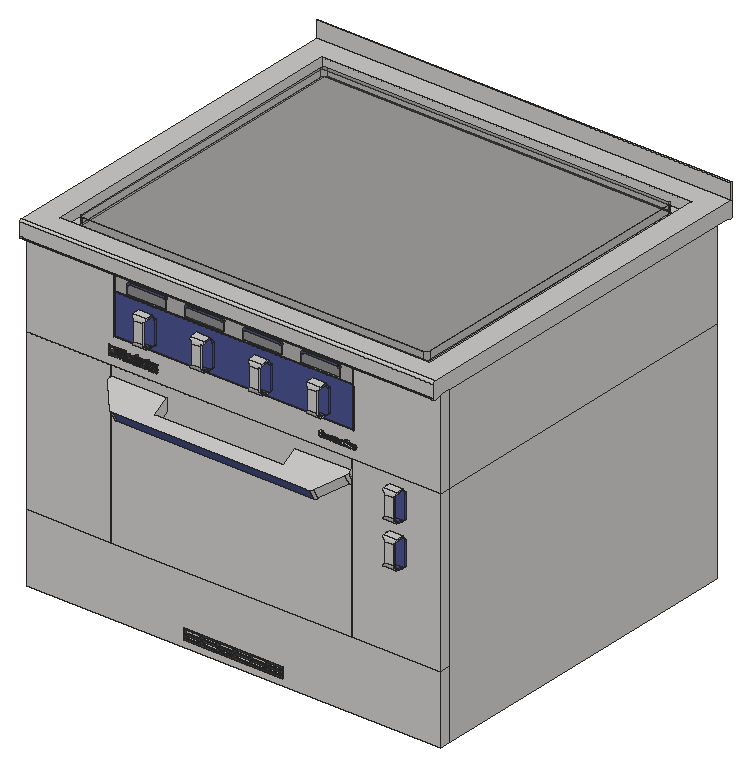
Revit family "QF_ELECTROLUXPROFESSIONAL_589669_MCIMFBJ8AO", category Attrezzature speciali, Revit 2020
Family settings
  Quota connettore circolare = Usa diametro
  Tipo di parte = Normale
  Basato su piano di lavoro = No
  Sempre verticale = Sì
  Taglio con vuoti quando caricato = No
  Condiviso = No
  Punto di calcolo locali = No
Parameters (values of type "Standard")
  Weight = 197.00 kg
  Watts = 25000 W
  Volts = 400 V
  URL Manufacturer = "https://www.electroluxprofessional.com/"
  URL = "https://www.electroluxprofessional.com/"
  Steam Supply Size = 0"
  Steam Supply Minimum Pressure = 0.00 psi
  Steam Supply Maximum Pressure = 0.00 psi
  Steam Consumption per Hour = 0
  Refrigeration Suction Line Size = 0 mm
  Refrigeration Liquid Line Size = 0 mm
  Refrigerant Compressor Remote = yes
  Prospetto di default = 0 mm
  Phase = 3
  Modello = "MCIMFBJ8AO"
  Produttore = "Electrolux Professional"
  Length Actual = 1000 mm  # constant formula
  Item Number = "589669"
  Hot Water Size = 0"
  Height Actual = 800 mm  # constant formula
  HP = "33.5 HP"
  Gas Size = 0"
  Gas KW = 0
  Gas Input Pressure = 0.0 Btu/h
  Direct Waste Size = 0"
  Descrizione = "INDUCTION,4Z,ST.OVEN,1S,BS,1000X900X800H"
  Depth Actual = 900 mm  # constant formula
  Cycle = 50 Hz
  Condensate Return Size = 0"
  Compressed Air Volume = 0 GPM
  Compressed Air Size = 0"
  Compressed Air Pressure = 0.00 psi
  Cold Water Size = 0"
  Accessory = yes
Reference planes
  plane 1 "BACK": y = 0
  plane 2: z = 0
  plane 3 "LEFT": x = -100
  plane 4 "RIGHT": x = 900
  plane 5 "FRONT": y = -900
  plane 6 "TOP": z = 900
  plane 7 "Center (Left/Right)": x = 400
  plane 8: y = -450
  plane 9: z = 100
  plane 10: y = -150
  plane 11 "Panel": y = -855
  plane 12: z = 798
  plane 13: z = 1327
  plane 14: x = -22
  plane 15: x = 822
  plane 16: y = -150
  plane 17: y = -650
  plane 18 "EIx": x = 855
  plane 19 "EIy": y = -685
  plane 20: y = -880
  plane 21: z = 938
Forms (mm)
  Extrusion 1, solid, material "QF_Finishes_Stainless Steel"
    sketch origin (-178.969, -4572, 100) x (-1, 0, 0) y (0, -1, 0)
      loop
        line (-78.969, -4527) -> (-78.969, -3717) -> (-1078.969, -3717) -> (-1078.969, -4527) -> (-78.969, -4527)
    from 550 to 763
  Extrusion 2, solid, material "QF_Finishes_Stainless Steel"
    sketch origin (-100, 0, 0) x (0, 1, 0) y (0, 0, 1)
      loop
        line (-855, 100) -> (-855, 265) -> (-880, 265) -> (-880, 100) -> (-855, 100)
    from 0 to 1000
  Extrusion 3, solid, material "QF_Finishes_Stainless Steel"
    sketch origin (-488.969, -4662, 100) x (-1, 0, 0) y (0, -1, 0)
      loop
        circle (-1343.969, -3977) r 6.35
    from 0 to -11.851
  Extrusion 4, solid, material "QF_Finishes_Stainless Steel"
    sketch origin (400, 296.4, 1219.2) x (0, 1, 0) y (0, 0, 1)
      loop
        line (-296.4, -319.2) -> (-1191.4, -319.2)
        arc (-1191.4, -319.2) -> (-1194.935, -320.664) -> (-1196.4, -324.2) r 5
        line (-1196.4, -324.2) -> (-1196.4, -355.2)
        arc (-1196.4, -355.2) -> (-1194.971, -358.264) -> (-1191.705, -359.139) r 4
        line (-1191.705, -359.139) -> (-1176.4, -356.231) -> (-316.4, -356.231) -> (-301.094, -359.139)
        arc (-301.094, -359.139) -> (-297.829, -358.264) -> (-296.4, -355.2) r 4
        line (-296.4, -355.2) -> (-296.4, -319.2)
    from -500 to 500
  Extrusion 5, solid, material "QF_Finishes_Electrolux_Black Smoke Iluminated"
    sketch origin (0, 0, 900) x (-1, 0, 0) y (0, -1, 0)
      loop
        arc (12, 79) -> (19.071, 81.929) -> (22, 89) r 10
        line (22, 89) -> (22, 810)
        arc (22, 810) -> (19.071, 817.071) -> (12, 820) r 10
        line (12, 820) -> (-812, 820)
        arc (-812, 820) -> (-819.071, 817.071) -> (-822, 810) r 10
        line (-822, 810) -> (-822, 89)
        arc (-822, 89) -> (-819.071, 81.929) -> (-812, 79) r 10
        line (-812, 79) -> (12, 79)
    from 0 to -20
  Extrusion 6, solid, material "QF_Finishes_Stainless Steel"
    sketch origin (-178.969, -4572, 100) x (-1, 0, 0) y (0, -1, 0)
      loop
        line (-78.969, -4527) -> (-78.969, -3717) -> (-1078.969, -3717) -> (-1078.969, -4527) -> (-78.969, -4527)
    from 550 to 0
  Extrusion 7, void
    sketch origin (0, -855, 0) x (-1, 0, 0) y (0, 0, 1)
      loop
        line (-520, 116.594) -> (-280, 116.594) -> (-280, 141.594) -> (-520, 141.594) -> (-520, 116.594)
    from 0 to -25
  Extrusion 8, solid, material "QF_Finishes_Black"
    sketch origin (0, -855, 0) x (-1, 0, 0) y (0, 0, 1)
      loop
        line (-280, 141.594) -> (-520, 141.594) -> (-520, 116.594) -> (-280, 116.594) -> (-280, 141.594)
      loop
        line (-282, 139.594) -> (-319.131, 139.594) -> (-319.131, 130.094) -> (-282, 130.094) -> (-282, 139.594)
      loop
        line (-282, 118.594) -> (-282, 128.094) -> (-319.131, 128.094) -> (-319.131, 118.594) -> (-282, 118.594)
      loop
        line (-321.131, 139.594) -> (-359.066, 139.594) -> (-359.066, 130.094) -> (-321.131, 130.094) -> (-321.131, 139.594)
      loop
        line (-399, 139.594) -> (-399, 130.094) -> (-361.066, 130.094) -> (-361.066, 139.594) -> (-399, 139.594)
      loop
        line (-401, 139.594) -> (-438.934, 139.594) -> (-438.934, 130.094) -> (-401, 130.094) -> (-401, 139.594)
      loop
        line (-359.066, 118.594) -> (-321.131, 118.594) -> (-321.131, 128.094) -> (-359.066, 128.094) -> (-359.066, 118.594)
      loop
        line (-361.066, 118.594) -> (-361.066, 128.094) -> (-399, 128.094) -> (-399, 118.594) -> (-361.066, 118.594)
      loop
        line (-401, 128.094) -> (-438.934, 128.094) -> (-438.934, 118.594) -> (-401, 118.594) -> (-401, 128.094)
      loop
        line (-518, 139.594) -> (-518, 130.094) -> (-480.869, 130.094) -> (-480.869, 139.594) -> (-518, 139.594)
      loop
        line (-518, 118.594) -> (-480.869, 118.594) -> (-480.869, 128.094) -> (-518, 128.094) -> (-518, 118.594)
      loop
        line (-478.869, 139.594) -> (-478.869, 130.094) -> (-440.934, 130.094) -> (-440.934, 139.594) -> (-478.869, 139.594)
      loop
        line (-440.934, 118.594) -> (-440.934, 128.094) -> (-478.869, 128.094) -> (-478.869, 118.594) -> (-440.934, 118.594)
    from -25.03 to -20
  Extrusion 9, void
    sketch origin (0, 0, 900) x (-1, 0, 0) y (0, -1, 0)
      loop
        line (47, 845) -> (-847, 845) -> (-847, 54) -> (47, 54) -> (47, 845)
    from 0 to -25
  Extrusion 10, solid, material "QF_Finishes_Stainless Steel"
    sketch origin (0, 0, 900) x (-1, 0, 0) y (0, -1, 0)
      loop
        line (18, 83) -> (18, 816) -> (-818, 816) -> (-818, 83) -> (18, 83)
    from -20 to -25
  Extrusion 11, solid, material "QF_Finishes_Stainless Steel"
    sketch origin (400, 296.4, 1219.2) x (0, 1, 0) y (0, 0, 1)
      loop
        line (-296.4, -319.2) -> (-296.4, -281.2) -> (-298.4, -281.2) -> (-298.4, -319.2) -> (-296.4, -319.2)
    from -500 to 500
Cuts and joins
  Extrusion 7 cuts Extrusion 6
  Extrusion 7 cuts Extrusion 2
  Extrusion 9 cuts Extrusion 4
Lines and regions (mm)
  symbolic lines
    curve 1: line (-100, 0, 100) -> (900, 0, 100)
    curve 2: line (-100, -900, 100) -> (-100, 0, 100)
    curve 3: line (900, -900, 100) -> (-100, -900, 100)
    curve 4: line (900, 0, 100) -> (900, -900, 100)
    curve 5: line (812, -79, 100) -> (-12, -79, 100)
    curve 6: line (-22, -89, 100) -> (-22, -810, 100)
    curve 7: line (-12, -820, 100) -> (812, -820, 100)
    curve 8: line (822, -810, 100) -> (822, -89, 100)
    curve 9: arc (-12, -79, 100) -> (-19.071, -81.929, 100) -> (-22, -89, 100) r 10
    curve 10: arc (822, -89, 100) -> (819.071, -81.929, 100) -> (812, -79, 100) r 10
    curve 11: arc (812, -820, 100) -> (819.071, -817.071, 100) -> (822, -810, 100) r 10
    curve 12: arc (-22, -810, 100) -> (-19.071, -817.071, 100) -> (-12, -820, 100) r 10
    curve 13: line (847, -54, 900) -> (-47, -54, 900)
    curve 14: line (-47, -54, 900) -> (-47, -845, 900)
    curve 15: line (847, -845, 900) -> (847, -54, 900)
    curve 16: line (-47, -845, 900) -> (847, -845, 900)
    curve 55: line (-100, -2, 900) -> (900, -2, 900)
  model lines
    curve 17: line (64.474, -422.012, 900) -> (46.796, -404.335, 900)
    curve 18: line (46.796, -404.335, 900) -> (46.796, -169.335, 900)
    curve 19: line (46.796, -169.335, 900) -> (64.474, -151.657, 900)
    curve 20: line (183.85, -245.603, 900) -> (183.85, -325.603, 900)
    curve 21: line (143.85, -285.603, 900) -> (223.85, -285.603, 900)
    curve 22: line (303.226, -422.012, 900) -> (320.903, -404.335, 900)
    curve 23: line (320.903, -404.335, 900) -> (320.903, -169.335, 900)
    curve 24: line (320.903, -169.335, 900) -> (303.226, -151.657, 900)
    curve 25: line (494.474, -422.012, 900) -> (476.796, -404.335, 900)
    curve 26: line (476.796, -404.335, 900) -> (476.796, -169.335, 900)
    curve 27: line (476.796, -169.335, 900) -> (494.474, -151.657, 900)
    curve 28: line (613.85, -245.603, 900) -> (613.85, -325.603, 900)
    curve 29: line (573.85, -285.603, 900) -> (653.85, -285.603, 900)
    curve 30: line (733.226, -422.012, 900) -> (750.903, -404.335, 900)
    curve 31: line (750.903, -404.335, 900) -> (750.903, -169.335, 900)
    curve 32: line (750.903, -169.335, 900) -> (733.226, -151.657, 900)
    curve 33: line (64.474, -477.988, 900) -> (46.796, -495.665, 900)
    curve 34: line (46.796, -495.665, 900) -> (46.796, -730.665, 900)
    curve 35: line (46.796, -730.665, 900) -> (64.474, -748.343, 900)
    curve 36: line (183.85, -654.397, 900) -> (183.85, -574.397, 900)
    curve 37: line (143.85, -614.397, 900) -> (223.85, -614.397, 900)
    curve 38: line (303.226, -477.988, 900) -> (320.903, -495.665, 900)
    curve 39: line (320.903, -495.665, 900) -> (320.903, -730.665, 900)
    curve 40: line (320.903, -730.665, 900) -> (303.226, -748.343, 900)
    curve 41: line (494.474, -477.988, 900) -> (476.796, -495.665, 900)
    curve 42: line (476.796, -495.665, 900) -> (476.796, -730.665, 900)
    curve 43: line (476.796, -730.665, 900) -> (494.474, -748.343, 900)
    curve 44: line (613.85, -654.397, 900) -> (613.85, -574.397, 900)
    curve 45: line (573.85, -614.397, 900) -> (653.85, -614.397, 900)
    curve 46: line (733.226, -477.988, 900) -> (750.903, -495.665, 900)
    curve 47: line (750.903, -495.665, 900) -> (750.903, -730.665, 900)
    curve 48: line (750.903, -730.665, 900) -> (733.226, -748.343, 900)
    curve 49: line (-7.896, -110.891, 900) -> (13.317, -89.677, 900)
    curve 50: line (13.317, -89.677, 900) -> (786.683, -89.677, 900)
    curve 51: line (807.896, -110.891, 900) -> (786.683, -89.677, 900)
    curve 52: line (-7.896, -789.109, 900) -> (13.317, -810.323, 900)
    curve 53: line (13.317, -810.323, 900) -> (786.683, -810.323, 900)
    curve 54: line (807.896, -789.109, 900) -> (786.683, -810.323, 900)
Dimensions and locks
  plane 3 "LEFT" to plane 4 "RIGHT" = 1000 mm
  plane 5 "FRONT" to plane 1 "BACK" = 900 mm
  plane 3 "LEFT" to plane 7 "Center (Left/Right)" to plane 4 "RIGHT" = 500 mm, 500 mm
  equal spacing: plane 5 "FRONT", plane 8, plane 1 "BACK"
  plane 6 "TOP" to level = 900 mm  (x2)
  plane 9 to level = 100 mm
  plane 1 "BACK" to plane 10 to plane 11 "Panel" = 150 mm, 705 mm  (x2)
  plane 6 "TOP" to plane 9 to level = 800 mm, 100 mm
  plane 1 "BACK" to plane 5 "FRONT" = 900 mm
  plane 1 "BACK" to Extrusion 3 = 685 mm
  plane 12 to plane 9 = 698 mm
  plane 13 to plane 6 "TOP" = 427 mm
  plane 6 "TOP" to plane 12 = 102 mm
  plane 14 to plane 3 "LEFT" = 78 mm
  plane 15 to plane 4 "RIGHT" = 78 mm
  locked: plane 1 "BACK" to plane 16 at 150
  locked: plane 16 to plane 17 at 500
  plane 11 "Panel" to plane 5 "FRONT" = 45 mm
  plane 18 "EIx" to plane 4 "RIGHT" = 45 mm
  plane 19 "EIy" to plane 1 "BACK" = 685 mm
  locked: plane 11 "Panel" to plane 20 at 25
  plane 21 to plane 6 "TOP" = 38 mm
  aligned and locked: level to plane 2
  aligned and locked: Extrusion 2 to plane 4 "RIGHT"
  aligned and locked: cut or joined group of Extrusion 4, Extrusion 9 to plane 3 "LEFT"
  aligned and locked: cut or joined group of Extrusion 4, Extrusion 9 to plane 4 "RIGHT"
  aligned and locked: cut or joined group of Extrusion 6, Extrusion 7 to plane 4 "RIGHT"
  aligned and locked: cut or joined group of Extrusion 6, Extrusion 7 to plane 3 "LEFT"
  aligned and locked: nested 1 to plane 11 "Panel"
  aligned and locked: nested 4 to plane 11 "Panel"
  aligned and locked: Extrusion 1 to plane 11 "Panel"
  aligned and locked: plane 11 "Panel" to cut or joined group of Extrusion 2, Extrusion 7
  aligned and locked: nested 2 to plane 20
  aligned and locked: nested 3 to plane 20
  aligned and locked: Extrusion 1 to plane 3 "LEFT"
  aligned and locked: Extrusion 1 to plane 4 "RIGHT"
  aligned and locked: plane 3 "LEFT" to nested 1
Automatic sketch dimensions
  Extrusion 3 sketch curve to plane 18 "EIx" = 0 mm
  Extrusion 3 sketch curve to plane 19 "EIy" = 0 mm
  Extrusion 4 sketch curve to plane 5 "FRONT" = 0 mm
  Extrusion 4 sketch curve to plane 6 "TOP" = 0 mm
  Extrusion 4 sketch curve to plane 20 = 0 mm
  Extrusion 4 sketch curve to plane 1 "BACK" = 0 mm
  Extrusion 4 sketch curve to Extrusion 4 sketch curve = 4 mm
  Extrusion 4 sketch curve to Extrusion 4 sketch curve = 0.695 mm
  Extrusion 4 sketch curve to plane 5 "FRONT" = 5 mm
  plane 1 "BACK" to Extrusion 4 sketch curve = 20 mm
  plane 1 "BACK" to Extrusion 4 sketch curve = 4.695 mm
  plane 1 "BACK" to Extrusion 4 sketch curve = 4 mm
  Extrusion 4 sketch curve to Extrusion 4 sketch curve = 31 mm
  Extrusion 4 sketch curve to Extrusion 4 sketch curve = 36 mm
  Extrusion 4 sketch curve to Extrusion 4 sketch curve = 2.909 mm
  Extrusion 1 sketch curve to plane 4 "RIGHT" = 0 mm
  Extrusion 1 sketch curve to plane 3 "LEFT" = 0 mm
  Extrusion 1 sketch curve to plane 11 "Panel" = 0 mm
  plane 1 "BACK" to Extrusion 1 sketch curve = 45 mm
  Extrusion 2 sketch curve to plane 9 = 0 mm
  Extrusion 2 sketch curve to plane 20 = 0 mm
  Extrusion 2 sketch curve to plane 11 "Panel" = 0 mm
  plane 9 to Extrusion 2 sketch curve = 165 mm
  plane 1 "BACK" to curve 1 = 0 mm
  curve 1 to plane 4 "RIGHT" = 0 mm
  curve 8 to plane 15 = 0 mm
  curve 6 to plane 14 = 0 mm
  curve 2 to plane 3 "LEFT" = 0 mm
  plane 5 "FRONT" to curve 3 = 0 mm
  plane 15 to curve 5 = 10 mm
  plane 15 to curve 11 = 10 mm
  curve 5 to plane 14 = 10 mm
  curve 12 to curve 12 = 10 mm
  plane 10 to curve 5 = 71 mm
  plane 11 "Panel" to curve 11 = 45 mm
  Extrusion 5 sketch curve to plane 15 = 0 mm
  Extrusion 5 sketch curve to plane 14 = 0 mm
  plane 15 to Extrusion 5 sketch curve = 10 mm  (x2)
  Extrusion 5 sketch curve to Extrusion 5 sketch curve = 10 mm  (x2)
  plane 10 to Extrusion 5 sketch curve = 71 mm
  plane 11 "Panel" to Extrusion 5 sketch curve = 45 mm
  Extrusion 6 sketch curve to plane 4 "RIGHT" = 0 mm
  Extrusion 6 sketch curve to plane 3 "LEFT" = 0 mm
  Extrusion 6 sketch curve to plane 11 "Panel" = 0 mm
  plane 1 "BACK" to Extrusion 6 sketch curve = 45 mm
  plane 9 to Extrusion 7 sketch curve = 41.594 mm
  plane 7 "Center (Left/Right)" to Extrusion 7 sketch curve = 120 mm
  Extrusion 7 sketch curve to plane 7 "Center (Left/Right)" = 120 mm
  plane 9 to Extrusion 7 sketch curve = 16.594 mm
  plane 9 to Extrusion 8 sketch curve = 41.594 mm
  plane 7 "Center (Left/Right)" to Extrusion 8 sketch curve = 120 mm
  Extrusion 8 sketch curve to Extrusion 8 sketch curve = 2 mm  (x16)
  Extrusion 8 sketch curve to Extrusion 8 sketch curve = 0 mm  (x15)
  Extrusion 8 sketch curve to Extrusion 8 sketch curve = 37.131 mm  (x2)
  Extrusion 8 sketch curve to Extrusion 8 sketch curve = 37.934 mm  (x3)
  plane 7 "Center (Left/Right)" to Extrusion 8 sketch curve = 1 mm  (x2)
  Extrusion 8 sketch curve to plane 7 "Center (Left/Right)" = 1 mm  (x2)
  plane 9 to Extrusion 8 sketch curve = 18.594 mm  (x4)
  Extrusion 8 sketch curve to Extrusion 8 sketch curve = 9.5 mm  (x6)
  plane 18 "EIx" to Extrusion 9 sketch curve = 8 mm
  plane 14 to Extrusion 9 sketch curve = 25 mm
  plane 1 "BACK" to Extrusion 9 sketch curve = 54 mm
  plane 11 "Panel" to Extrusion 9 sketch curve = 10 mm
  plane 15 to Extrusion 10 sketch curve = 4 mm
  Extrusion 10 sketch curve to plane 14 = 4 mm
  plane 10 to Extrusion 10 sketch curve = 67 mm
  plane 11 "Panel" to Extrusion 10 sketch curve = 39 mm
  plane 18 "EIx" to curve 15 = 8 mm
  plane 15 to curve 51 = 35.317 mm
  plane 15 to curve 53 = 35.317 mm
  curve 32 to plane 10 = 19.335 mm
  plane 15 to curve 32 = 71.097 mm
  plane 15 to curve 48 = 71.097 mm
  plane 7 "Center (Left/Right)" to curve 26 = 76.796 mm
  plane 7 "Center (Left/Right)" to curve 42 = 76.796 mm
  curve 38 to plane 7 "Center (Left/Right)" = 79.097 mm
  curve 23 to plane 10 = 19.335 mm
  curve 23 to plane 7 "Center (Left/Right)" = 79.097 mm
  curve 35 to plane 14 = 68.796 mm
  curve 17 to plane 14 = 68.796 mm
  curve 50 to plane 14 = 35.317 mm
  curve 53 to plane 14 = 35.317 mm
  plane 14 to curve 14 = 25 mm
  plane 10 to curve 49 = 60.323 mm
  plane 1 "BACK" to curve 15 = 54 mm
  curve 18 to plane 10 = 19.335 mm
  curve 27 to plane 10 = 19.335 mm
  plane 8 to curve 18 = 45.665 mm
  plane 8 to curve 26 = 45.665 mm
  plane 8 to curve 23 = 45.665 mm
  plane 8 to curve 30 = 45.665 mm
  curve 34 to plane 8 = 45.665 mm
  curve 42 to plane 8 = 45.665 mm
  curve 38 to plane 8 = 45.665 mm
  curve 46 to plane 8 = 45.665 mm
  curve 42 to plane 19 "EIy" = 45.665 mm
  curve 39 to plane 19 "EIy" = 45.665 mm
  curve 34 to plane 19 "EIy" = 45.665 mm
  curve 48 to plane 19 "EIy" = 45.665 mm
  plane 11 "Panel" to curve 54 = 44.677 mm
  plane 11 "Panel" to curve 16 = 10 mm
  plane 15 to curve 51 = 14.104 mm
  plane 15 to curve 54 = 14.104 mm
  curve 32 to plane 10 = 1.657 mm
  curve 31 to curve 32 = 17.678 mm
  curve 46 to plane 8 = 27.988 mm
  curve 46 to curve 46 = 17.678 mm
  curve 47 to curve 48 = 17.678 mm  (x2)
  plane 8 to curve 30 = 27.988 mm
  curve 30 to curve 30 = 17.678 mm
  curve 45 to plane 17 = 35.603 mm
  curve 47 to curve 45 = 97.053 mm
  curve 31 to curve 29 = 97.053 mm
  curve 45 to curve 44 = 40 mm
  curve 29 to curve 28 = 40 mm  (x2)
  curve 28 to curve 29 = 40 mm  (x2)
  curve 44 to curve 45 = 40 mm  (x2)
  curve 43 to curve 42 = 17.678 mm
  curve 41 to plane 8 = 27.988 mm
  curve 41 to curve 41 = 17.678 mm
  curve 27 to plane 10 = 1.657 mm
  curve 27 to curve 26 = 17.678 mm
  plane 8 to curve 25 = 27.988 mm
  curve 25 to curve 25 = 17.678 mm
  curve 38 to plane 8 = 27.988 mm
  curve 38 to curve 38 = 17.678 mm
  curve 39 to curve 40 = 17.678 mm  (x2)
  plane 8 to curve 22 = 27.988 mm
  curve 22 to curve 22 = 17.678 mm
  curve 24 to plane 10 = 1.657 mm
  curve 23 to curve 24 = 17.678 mm
  curve 37 to plane 17 = 35.603 mm
  curve 39 to curve 37 = 97.053 mm
  curve 23 to curve 21 = 97.053 mm
  curve 21 to curve 20 = 40 mm  (x2)
  curve 37 to curve 36 = 40 mm
  curve 20 to curve 21 = 40 mm  (x2)
  curve 36 to curve 37 = 40 mm  (x2)
  plane 8 to curve 17 = 27.988 mm
  curve 17 to curve 17 = 17.678 mm
  curve 33 to plane 8 = 27.988 mm
  curve 33 to curve 33 = 17.678 mm
  curve 35 to curve 34 = 17.678 mm
  curve 19 to plane 10 = 1.657 mm
  curve 19 to curve 18 = 17.678 mm
  curve 49 to plane 14 = 14.104 mm
  curve 52 to plane 14 = 14.104 mm
  curve 50 to curve 51 = 21.213 mm
  curve 49 to curve 49 = 21.213 mm
  curve 20 to plane 10 = 95.603 mm
  curve 28 to plane 10 = 95.603 mm
  plane 17 to curve 36 = 4.397 mm
  plane 17 to curve 44 = 4.397 mm
  curve 42 to curve 43 = 17.678 mm
  curve 34 to curve 35 = 17.678 mm
  curve 54 to curve 54 = 21.213 mm
  curve 52 to curve 52 = 21.213 mm
  Extrusion 11 sketch curve to plane 6 "TOP" = 0 mm
  Extrusion 11 sketch curve to plane 21 = 0 mm
  Extrusion 11 sketch curve to plane 1 "BACK" = 0 mm
  plane 1 "BACK" to Extrusion 11 sketch curve = 2 mm
  radius of Extrusion 3 sketch curve = 6.35 mm
Nested families
  nested 1: "Door_Panel_W1000_A" at (400, -855, 0), type "Door_Panel_W1000_A"
  nested 2: "FIT Range Control Handle" at (795, -883.137, -372.751), type "FIT Range Control Handle"
  nested 3: "FIT Range Control Handle" at (795, -883.137, -474.751), type "FIT Range Control Handle"
  nested 4: "Front_Panel_W1000_4 Knobs" at (102.376, -855, 0), type "Front_Panel_W1000_4 Knobs"
Connectors
  electrical at (855, -685, 88.149)
    settings: on Extrusion 3, index 1, voltage 400 V, apparent load 33000 VA, apparent load phase1 0 VA, apparent load phase2 0 VA, apparent load phase3 0 VA, power factor 1, load classification "Other", number of poles 1, system type 30, power factor state 1, is connector primary yes, connector utility no, sub classification motor no, connector description "ELECTRICAL CONNECTION"
Definition of nested family "Door_Panel_W1000_A"
  Parameters
    Default Elevation = 0 mm
  Reference planes
    plane 1 "Center (Front/Back)": y = 0
    plane 2 "Ref. Level": z = 0
    plane 3: x = 500
    plane 4: x = -500
    plane 5 "Center (Left/Right)": x = 0
    plane 6: x = -295
    plane 7: x = 285
    plane 8 "Manopola": through (-6096, -50.059, 612.389) normal (0, -0.515, 0.8572)
    plane 9 "Top": z = 650
    plane 10: z = 265
    plane 11: z = 200
  Forms (mm)
    Extrusion 1, solid
      sketch origin (0, 0, 0) x (0, 1, 0) y (0, 0, 1)
        loop
          line (-25.03, 650) -> (-25.03, 265) -> (0, 265) -> (0, 650) -> (-25.03, 650)
      from 285 to 500
    Extrusion 2, solid
      sketch origin (0, 0, 0) x (0, 1, 0) y (0, 0, 1)
        loop
          line (-25.03, 650) -> (-25.03, 265) -> (0, 265) -> (0, 650) -> (-25.03, 650)
      from -500 to -295
    Extrusion 3, solid
      sketch origin (0, 0, 0) x (0, 1, 0) y (0, 0, 1)
        loop
          line (-25.03, 650) -> (-25.03, 265) -> (0, 265) -> (0, 650) -> (-25.03, 650)
      from -295 to 285
    Extrusion 4, solid
      sketch origin (0, -283.633, 472.044) x (0, 0.857167, 0.515038) y (-1, 0, 0)
        loop
          line (299.12, -285) -> (299.12, 295) -> (290.982, 295)
          arc (290.982, 295) -> (286.677, 294.026) -> (283.211, 291.293) r 10
          line (283.211, 291.293) -> (233.28, 250.86)
          arc (233.28, 250.86) -> (230.548, 247.394) -> (229.574, 243.089) r 10
          line (229.574, 243.089) -> (229.574, -233.089)
          arc (229.574, -233.089) -> (230.548, -237.394) -> (233.28, -240.86) r 10
          line (233.28, -240.86) -> (283.211, -281.293)
          arc (283.211, -281.293) -> (286.677, -284.026) -> (290.982, -285) r 10
          line (290.982, -285) -> (299.12, -285)
      from -27 to 0
    Extrusion 5, void
      sketch origin (0, 0, 0) x (0, 1, 0) y (0, 0, 1)
        loop
          line (-61.514, 605.507) -> (-47.608, 582.363) -> (-25.03, 595.93) -> (-25.03, 627.429) -> (-61.514, 605.507)
      from -160 to 150
    Extrusion 6, solid, detail levels coarse
      sketch origin (0, 0, 0) x (0, 1, 0) y (0, 0, 1)
        loop
          line (-25.03, 265) -> (-25.03, 650)
          arc (-25.03, 650) -> (-297.266, 537.236) -> (-410.03, 265) r 385
          line (-410.03, 265) -> (-25.03, 265)
      from -295 to 285
  Cuts and joins
    Extrusion 5 cuts Extrusion 4
    joined: Extrusion 3, Extrusion 4
  Lines and regions (mm)
    symbolic lines
      curve 1: line (-287.355, -45.043, 0) -> (-250.86, -83.673, 0)
      curve 2: line (-243.089, -86.85, 0) -> (233.089, -86.85, 0)
      curve 3: line (240.86, -83.673, 0) -> (277.355, -45.043, 0)
      curve 4: arc (-243.089, -86.85, 0) -> (-247.318, -86.101, 0) -> (-250.86, -83.673, 0) r 10.165
      curve 5: arc (233.089, -86.85, 0) -> (237.318, -86.101, 0) -> (240.86, -83.673, 0) r 10.165
      curve 6: line (-295, -45.043, 0) -> (-295, -410.03, 0)
      curve 7: line (-295, -410.03, 0) -> (285, -410.03, 0)
      curve 8: line (285, -410.03, 0) -> (285, -45.03, 0)
  Dimensions and locks
    plane 3 to plane 4 = 1000 mm
    plane 4 to plane 3 = 1000 mm
    equal spacing: plane 3, plane 5 "Center (Left/Right)", plane 4
    plane 6 to plane 4 = 205 mm
    plane 3 to plane 7 = 215 mm
    plane 11 to level = 200 mm
    plane 10 to plane 11 = 65 mm
    plane 10 to plane 9 "Top" = 385 mm
    plane 9 "Top" to plane 11 = 450 mm
    aligned and locked: plane 3 to Extrusion 1
    aligned and locked: cut or joined group of Extrusion 3, Extrusion 4, Extrusion 5 to plane 6
    aligned and locked: cut or joined group of Extrusion 3, Extrusion 4, Extrusion 5 to plane 7
    aligned and locked: plane 7 to Extrusion 1
    aligned and locked: plane 6 to Extrusion 2
    aligned and locked: Extrusion 2 to plane 4
    aligned and locked: plane 10 to Extrusion 2
    aligned and locked: plane 10 to cut or joined group of Extrusion 3, Extrusion 4, Extrusion 5
    aligned and locked: plane 10 to Extrusion 1
    aligned and locked: Extrusion 6 to plane 6
    aligned and locked: Extrusion 6 to plane 7
  Automatic sketch dimensions
    Extrusion 5 sketch curve to plane 8 "Manopola" = 0 mm  (x2)
    plane 1 "Center (Front/Back)" to Extrusion 5 sketch curve = 61.514 mm
    Extrusion 5 sketch curve to Extrusion 5 sketch curve = 13.906 mm
    plane 1 "Center (Front/Back)" to Extrusion 5 sketch curve = 25.03 mm
    Extrusion 4 sketch curve to plane 7 = 0 mm
    Extrusion 4 sketch curve to plane 6 = 0 mm
    plane 6 to Extrusion 4 sketch curve = 51.911 mm
    plane 7 to Extrusion 4 sketch curve = 44.14 mm
    Extrusion 4 sketch curve to Extrusion 4 sketch curve = 3.707 mm  (x2)
    plane 6 to Extrusion 4 sketch curve = 44.14 mm
    plane 7 to Extrusion 4 sketch curve = 3.707 mm
    Extrusion 4 sketch curve to Extrusion 4 sketch curve = 49.93 mm  (x2)
    plane 6 to Extrusion 4 sketch curve = 3.707 mm
    Extrusion 4 sketch curve to Extrusion 4 sketch curve = 7.771 mm  (x3)
    Extrusion 4 sketch curve to Extrusion 4 sketch curve = 8.138 mm
    Extrusion 2 sketch curve to plane 1 "Center (Front/Back)" = 0 mm
    Extrusion 3 sketch curve to plane 1 "Center (Front/Back)" = 0 mm
    Extrusion 1 sketch curve to plane 1 "Center (Front/Back)" = 0 mm
    Extrusion 2 sketch curve to plane 9 "Top" = 0 mm
    Extrusion 2 sketch curve to Extrusion 2 sketch curve = 25.03 mm
    Extrusion 3 sketch curve to plane 9 "Top" = 0 mm
    Extrusion 3 sketch curve to Extrusion 3 sketch curve = 25.03 mm
    Extrusion 1 sketch curve to plane 9 "Top" = 0 mm
    plane 1 "Center (Front/Back)" to Extrusion 1 sketch curve = 25.03 mm
    level to Extrusion 1 sketch curve = 265 mm
    level to Extrusion 2 sketch curve = 265 mm
    level to Extrusion 3 sketch curve = 265 mm
    plane 10 to Extrusion 6 sketch curve = 0 mm
    Extrusion 6 sketch curve to plane 9 "Top" = 0 mm
    plane 1 "Center (Front/Back)" to Extrusion 6 sketch curve = 25.03 mm
    curve 7 to plane 7 = 0 mm
    plane 6 to curve 1 = 44.14 mm
    curve 4 to curve 4 = 7.389 mm
    curve 4 to curve 2 = 7.771 mm
    plane 7 to curve 2 = 51.911 mm
    curve 2 to curve 5 = 0.382 mm
    curve 2 to curve 3 = 7.771 mm
    plane 1 "Center (Front/Back)" to curve 6 = 410.03 mm
    plane 1 "Center (Front/Back)" to curve 2 = 86.85 mm
    curve 2 to curve 3 = 3.177 mm
    curve 2 to curve 1 = 3.177 mm
    plane 7 to curve 3 = 7.645 mm
    plane 1 "Center (Front/Back)" to curve 3 = 45.043 mm
    curve 3 to curve 8 = 0.013 mm
    curve 7 to plane 6 = 0 mm
    curve 6 to curve 1 = 7.645 mm
    plane 1 "Center (Front/Back)" to curve 1 = 45.043 mm
    curve 6 to curve 1 = 0 mm
Definition of nested family "FIT Range Control Handle"
  Parameters
    Default Elevation = 0 mm
  Reference planes
    plane 1 "Center (Front/Back)": y = 0
    plane 2: z = 0
    plane 3 "Center (Left/Right)": x = 0
    plane 4: z = 971.092
    plane 5: y = -16.8
  Forms (mm)
    Extrusion 1, solid
      sketch origin (-746.28, 380.497, 208.931) x (-1, 0, 0) y (0, 0, 1)
        loop
          line (-770.101, 786.798) -> (-770.101, 731.649)
          arc (-770.101, 731.649) -> (-769.759, 730.563) -> (-768.855, 729.87) r 1.893
          line (-768.855, 729.87) -> (-763.474, 727.911) -> (-729.81, 727.911) -> (-724.428, 729.87)
          arc (-724.428, 729.87) -> (-723.525, 730.563) -> (-723.183, 731.649) r 1.893
          line (-723.183, 731.649) -> (-723.183, 786.798)
          arc (-723.183, 786.798) -> (-723.529, 787.894) -> (-724.44, 788.593) r 1.91
          line (-724.44, 788.593) -> (-729.683, 790.819) -> (-763.601, 790.819) -> (-768.844, 788.593)
          arc (-768.844, 788.593) -> (-769.755, 787.894) -> (-770.101, 786.798) r 1.91
      from -382.35 to -378.852
    Sweep 2, solid
      path origin (-746.788, 380.496, 208.091) x (0, -1, 0) y (0, 0, 1)
        loop
          line (379.775, 793.281) -> (395.661, 791.048)
          arc (395.661, 791.048) -> (397.781, 787.377) -> (398.517, 783.202) r 12.207
          line (398.517, 783.202) -> (398.517, 737.368)
          arc (398.517, 737.368) -> (397.781, 733.193) -> (395.661, 729.522) r 12.207
          line (395.661, 729.522) -> (379.775, 727.289)
      profile origin (-746.788, -7.222, 1000.256) x (0, -0.139173, 0.990268) y (-1, 0, 0)
        loop
          line (0.782, -763.123) -> (0.782, -730.907) -> (-1.322, -730.907) -> (-1.322, -763.123) -> (0.782, -763.123)
    Sweep 3, solid
      path origin (-746.788, 380.715, 207.832) x (0, -1, 0) y (0, 0, 1)
        loop
          line (380.478, 795.442) -> (397.218, 793.09)
          arc (397.218, 793.09) -> (399.929, 788.473) -> (400.871, 783.202) r 15.207
          line (400.871, 783.202) -> (400.871, 737.584)
          arc (400.871, 737.584) -> (399.914, 732.274) -> (397.164, 727.633) r 15.207
          line (397.164, 727.633) -> (380.601, 725.305)
      profile origin (-746.788, -8.132, 1002.099) x (0, -0.139173, 0.990268) y (-1, 0, 0)
        loop
          line (0.782, -763.123) -> (0.782, -730.907) -> (-1.322, -730.907) -> (-1.322, -763.123) -> (0.782, -763.123)
    Extrusion 4, void
      sketch origin (889.253, 220.666, 207.993) x (1, 0, 0) y (0, 0, 1)
        loop
          line (-943.038, 816.854) -> (-943.038, 703.686) -> (-899.466, 734.196) -> (-899.466, 786.344) -> (-943.038, 816.854)
      from 230.636 to 242.25
    Extrusion 5, void
      sketch origin (-888.8, 220.666, 207.993) x (-1, 0, 0) y (0, 0, -1)
        loop
          line (-943.038, -816.854) -> (-899.466, -786.344) -> (-899.466, -734.196) -> (-943.038, -703.686) -> (-943.038, -816.854)
      from 230.636 to 242.25
    Extrusion 6, solid
      sketch origin (0, 0, 0) x (1, 0, 0) y (0, 0, 1)
        loop
          circle (0, 971.092) r 7.736
      from -3.137 to -1.645
  Cuts and joins
    Extrusion 4, Extrusion 5 cuts Sweep 3
    Extrusion 4, Extrusion 5 cuts Sweep 2
    joined: Extrusion 1, Extrusion 6
  Lines and regions (mm)
    symbolic lines
      curve 1: line (-15.881, -19.189, 0) -> (-15.881, -16.8, 0)
      curve 2: line (16.334, -19.189, 0) -> (16.334, -16.8, 0)
      curve 3: spline (-15.881, -19.189, 0) -> (-15.417, -19.349, 0) -> (-14.951, -19.501, 0) -> (-14.483, -19.646, 0) -> (-14.014, -19.783, 0) -> (-13.543, -19.912, 0) -> (-13.071, -20.033, 0) -> (-12.597, -20.146, 0) -> (-12.122, -20.251, 0) -> (-11.646, -20.349, 0) -> (-11.169, -20.438, 0) -> (-10.691, -20.52, 0) -> (-10.213, -20.593, 0)
      curve 4: spline (10.666, -20.593, 0) -> (11.144, -20.52, 0) -> (11.622, -20.438, 0) -> (12.099, -20.349, 0) -> (12.575, -20.251, 0) -> (13.05, -20.146, 0) -> (13.524, -20.033, 0) -> (13.996, -19.912, 0) -> (14.467, -19.783, 0) -> (14.936, -19.646, 0) -> (15.404, -19.501, 0) -> (15.87, -19.349, 0) -> (16.334, -19.189, 0)
      curve 5: line (-10.213, -20.938, 0) -> (10.716, -20.938, 0)
  Dimensions and locks
    cut or joined group of Sweep 3, Extrusion 4, Extrusion 5 to cut or joined group of Sweep 3, Extrusion 4, Extrusion 5 = 71.686 mm
Definition of nested family "Front_Panel_W1000_4 Knobs"
  Parameters
    Default Elevation = 0 mm
  Reference planes
    plane 1 "Center (Front/Back)": y = 0
    plane 2: z = 0
    plane 3 "Center (Left/Right)": x = 297.624
    plane 4 "Left": x = -202.376
    plane 5 "Right": x = 797.624
    plane 6: y = -45
    plane 7: x = 87.624
    plane 8: x = 227.624
    plane 9: y = -310
    plane 10: y = -25
    plane 11: x = -2.376
    plane 12: x = 367.624
    plane 13: x = 507.624
    plane 14: x = 594.715
  Forms (mm)
    Extrusion 1, solid
      sketch origin (833.217, 829.203, -1.25) x (0, 1, 0) y (0, 0, 1)
        loop
          line (-854.203, 651.25) -> (-829.203, 651.25) -> (-829.203, 864.25) -> (-854.203, 864.25) -> (-854.203, 651.25)
      from -1035.593 to -35.593
    Extrusion 2, void
      sketch origin (0, 0, 0) x (1, 0, 0) y (0, 0, 1)
        loop
          line (7.624, 853.866) -> (7.624, 711.866) -> (587.624, 711.866) -> (587.624, 853.866) -> (7.624, 853.866)
      from 19.387 to 33.951
  Cuts and joins
    Extrusion 2 cuts Extrusion 1
  Lines and regions (mm)
    symbolic lines
      curve 1: line (131.124, -45, 0) -> (131.124, -310, 0)
      curve 2: line (131.124, -310, 0) -> (464.124, -310, 0)
      curve 3: line (235.966, -310, 0) -> (240.646, -334.075, 0)
      curve 4: line (240.646, -334.075, 0) -> (354.603, -334.075, 0)
      curve 5: line (354.603, -334.075, 0) -> (359.283, -310, 0)
      curve 6: line (464.124, -310, 0) -> (464.124, -45, 0)
      curve 7: line (131.124, -300, 0) -> (464.124, -300, 0)
      curve 8: line (240.874, -309.046, 0) -> (244.767, -329.075, 0)
      curve 9: line (244.767, -329.075, 0) -> (350.481, -329.075, 0)
      curve 10: line (350.481, -329.075, 0) -> (354.375, -309.046, 0)
  Dimensions and locks
    equal spacing: plane 5 "Right", plane 3 "Center (Left/Right)", plane 4 "Left"
    plane 5 "Right" to plane 4 "Left" = 1000 mm
    plane 3 "Center (Left/Right)" to plane 7 = 210 mm
    plane 3 "Center (Left/Right)" to plane 8 = 70 mm
    plane 6 to plane 9 = 265 mm
    plane 13 to plane 3 "Center (Left/Right)" = 210 mm
    plane 12 to plane 3 "Center (Left/Right)" = 70 mm
    aligned and locked: cut or joined group of Extrusion 1, Extrusion 2 to plane 4 "Left"
    aligned and locked: plane 5 "Right" to cut or joined group of Extrusion 1, Extrusion 2
    aligned and locked: plane 3 "Center (Left/Right)" to nested 2
    aligned and locked: cut or joined group of Extrusion 1, Extrusion 2 to nested 2
  Automatic sketch dimensions
    Extrusion 1 sketch curve to plane 1 "Center (Front/Back)" = 0 mm
    level to Extrusion 1 sketch curve = 650 mm
    plane 4 "Left" to Extrusion 2 sketch curve = 210 mm
    Extrusion 2 sketch curve to plane 5 "Right" = 210 mm
    level to Extrusion 2 sketch curve = 711.866 mm
    Extrusion 2 sketch curve to Extrusion 2 sketch curve = 142 mm
    plane 6 to curve 1 = 0 mm
    plane 6 to curve 6 = 0 mm
    plane 9 to curve 1 = 0 mm
    plane 7 to curve 1 = 43.5 mm
    curve 4 to plane 9 = 24.075 mm
    plane 8 to curve 4 = 13.021 mm
    curve 3 to curve 8 = 4.122 mm
    plane 3 "Center (Left/Right)" to curve 4 = 56.979 mm
    curve 4 to curve 2 = 109.521 mm
    plane 8 to curve 3 = 8.342 mm
    curve 3 to curve 8 = 4.908 mm
    curve 9 to curve 4 = 4.122 mm
    curve 10 to plane 9 = 19.075 mm
    curve 9 to curve 5 = 8.801 mm
    plane 9 to curve 10 = 0.954 mm
    curve 10 to curve 5 = 4.908 mm
    curve 3 to curve 8 = 0.954 mm
    curve 1 to curve 7 = 10 mm
    Extrusion 1 sketch curve to plane 6 = 20 mm
    Extrusion 1 sketch curve to Extrusion 1 sketch curve = 213 mm
  Nested families
    nested 1: "Range Control Handle" at (87.624, -28.137, -209.113) x (-1, 0, 0) z (0, 0, 1), type "Range Control Handle"
    nested 2: "Front glass control panel W1000" at (297.624, 280.644, 2.752), type "Front glass control panel W1000"
    nested 3: "Range Control Handle" at (227.624, -28.137, -209.113) x (-1, 0, 0) z (0, 0, 1), type "Range Control Handle"
    nested 4: "Range Control Handle" at (367.624, -28.137, -209.113), type "Range Control Handle"
    nested 5: "Range Control Handle" at (507.624, -28.137, -209.113), type "Range Control Handle"
    nested 6: "ELX_ThermaLine_Small" at (546.122, -25, 679.426) x (1, 0, 0) z (0, -1, 0), type "ELX_ThermaLine_Small"
      with Show Logo yes, Material_Logo none
    nested 7: "ELX_Professional_Logo_Small" at (57.11, -25, 681.659) x (1, 0, 0) z (0, -1, 0), type "ELX_Professional_Logo_Small"
      with Show Logo yes, Material_Logo none
  Definition of nested family "Range Control Handle"
    Parameters
      Default Elevation = 0 mm
    Reference planes
      plane 1 "Center (Front/Back)": y = 0
      plane 2: z = 0
      plane 3 "Center (Left/Right)": x = 0
      plane 4: z = 971.092
      plane 5: y = -16.9
    Forms (mm)
      Extrusion 1, solid
        sketch origin (-746.28, 380.497, 208.931) x (-1, 0, 0) y (0, 0, 1)
          loop
            line (-770.101, 786.798) -> (-770.101, 731.649)
            arc (-770.101, 731.649) -> (-769.759, 730.563) -> (-768.855, 729.87) r 1.893
            line (-768.855, 729.87) -> (-763.474, 727.911) -> (-729.81, 727.911) -> (-724.428, 729.87)
            arc (-724.428, 729.87) -> (-723.525, 730.563) -> (-723.183, 731.649) r 1.893
            line (-723.183, 731.649) -> (-723.183, 786.798)
            arc (-723.183, 786.798) -> (-723.529, 787.894) -> (-724.44, 788.593) r 1.91
            line (-724.44, 788.593) -> (-729.683, 790.819) -> (-763.601, 790.819) -> (-768.844, 788.593)
            arc (-768.844, 788.593) -> (-769.755, 787.894) -> (-770.101, 786.798) r 1.91
        from -382.35 to -378.852
      Sweep 2, solid
        path origin (-746.788, 380.496, 208.091) x (0, -1, 0) y (0, 0, 1)
          loop
            line (379.775, 793.281) -> (395.661, 791.048)
            arc (395.661, 791.048) -> (397.781, 787.377) -> (398.517, 783.202) r 12.207
            line (398.517, 783.202) -> (398.517, 737.368)
            arc (398.517, 737.368) -> (397.781, 733.193) -> (395.661, 729.522) r 12.207
            line (395.661, 729.522) -> (379.775, 727.289)
        profile origin (-746.788, -7.222, 1000.256) x (0, -0.139173, 0.990268) y (-1, 0, 0)
          loop
            line (0.782, -763.123) -> (0.782, -730.907) -> (-1.322, -730.907) -> (-1.322, -763.123) -> (0.782, -763.123)
      Sweep 3, solid
        path origin (-746.788, 380.715, 207.832) x (0, -1, 0) y (0, 0, 1)
          loop
            line (380.478, 795.442) -> (397.218, 793.09)
            arc (397.218, 793.09) -> (399.929, 788.473) -> (400.871, 783.202) r 15.207
            line (400.871, 783.202) -> (400.871, 737.584)
            arc (400.871, 737.584) -> (399.914, 732.274) -> (397.164, 727.633) r 15.207
            line (397.164, 727.633) -> (380.601, 725.305)
        profile origin (-746.788, -8.132, 1002.099) x (0, -0.139173, 0.990268) y (-1, 0, 0)
          loop
            line (0.782, -763.123) -> (0.782, -730.907) -> (-1.322, -730.907) -> (-1.322, -763.123) -> (0.782, -763.123)
      Extrusion 4, void
        sketch origin (889.253, 220.666, 207.993) x (1, 0, 0) y (0, 0, 1)
          loop
            line (-943.038, 816.854) -> (-943.038, 703.686) -> (-899.466, 734.196) -> (-899.466, 786.344) -> (-943.038, 816.854)
        from 230.636 to 242.25
      Extrusion 5, void
        sketch origin (-888.8, 220.666, 207.993) x (-1, 0, 0) y (0, 0, -1)
          loop
            line (-943.038, -816.854) -> (-899.466, -786.344) -> (-899.466, -734.196) -> (-943.038, -703.686) -> (-943.038, -816.854)
        from 230.636 to 242.25
      Extrusion 6, solid
        sketch origin (0, 0, 0) x (1, 0, 0) y (0, 0, 1)
          loop
            circle (0, 971.092) r 7.736
        from -3.137 to -1.645
    Cuts and joins
      Extrusion 4, Extrusion 5 cuts Sweep 3
      Extrusion 4, Extrusion 5 cuts Sweep 2
      joined: Extrusion 1, Extrusion 6
    Lines and regions (mm)
      symbolic lines
        curve 1: line (16.334, -16.9, 0) -> (16.334, -19.227, 0)
        curve 2: spline (16.334, -19.227, 0) -> (15.87, -19.385, 0) -> (15.404, -19.536, 0) -> (14.936, -19.678, 0) -> (14.466, -19.813, 0) -> (13.995, -19.94, 0) -> (13.523, -20.059, 0) -> (13.049, -20.171, 0) -> (12.575, -20.274, 0) -> (12.099, -20.37, 0) -> (11.622, -20.458, 0) -> (11.144, -20.537, 0) -> (10.666, -20.609, 0)
        curve 3: line (10.666, -16.9, 0) -> (10.666, -20.938, 0)
        curve 4: line (-10.213, -20.938, 0) -> (10.666, -20.938, 0)
        curve 5: line (-10.213, -20.938, 0) -> (-10.213, -16.9, 0)
        curve 6: spline (-10.213, -20.609, 0) -> (-10.691, -20.537, 0) -> (-11.169, -20.458, 0) -> (-11.646, -20.37, 0) -> (-12.122, -20.274, 0) -> (-12.597, -20.171, 0) -> (-13.07, -20.059, 0) -> (-13.542, -19.94, 0) -> (-14.013, -19.813, 0) -> (-14.483, -19.678, 0) -> (-14.951, -19.536, 0) -> (-15.417, -19.385, 0) -> (-15.881, -19.227, 0)
        curve 7: line (-15.881, -19.227, 0) -> (-15.881, -16.9, 0)
  Definition of nested family "Front glass control panel W1000"
    Parameters
      Default Elevation = 0 mm
    Reference planes
      plane 1 "Center (Front/Back)": y = 0
      plane 2: z = 0
      plane 3 "Center (Left/Right)": x = 0
    Forms (mm)
      Extrusion 1, solid
        sketch origin (378.286, 0, 0.617) x (1, 0, 0) y (0, 0, 1)
          loop
            line (-668.286, 806.791) -> (-668.286, 708.497) -> (-88.286, 708.497) -> (-88.286, 806.791) -> (-668.286, 806.791)
        from 300.031 to 304.8
      Extrusion 2, solid
        sketch origin (378.286, 0, 0.617) x (1, 0, 0) y (0, 0, 1)
          loop
            line (-668.286, 850.497) -> (-668.286, 806.791) -> (-88.286, 806.791) -> (-88.286, 850.497) -> (-668.286, 850.497)
        from 300.031 to 304.8
      Extrusion 3, void
        sketch origin (378.286, 0, 0.617) x (1, 0, 0) y (0, 0, 1)
          loop
            line (-665.628, 847.565) -> (-665.628, 710.699) -> (-91.196, 710.699) -> (-91.196, 847.565) -> (-665.628, 847.565)
        from 303.697 to 304.8
      Extrusion 4, solid
        sketch origin (-378.333, 1.101, -0.633) x (-1, 0, 0) y (0, 0, -1)
          loop
            line (-261.431, -812.62) -> (-355.186, -812.62) -> (-355.186, -834.177) -> (-350.269, -834.177) -> (-348.469, -835.977) -> (-268.039, -835.977) -> (-266.24, -834.177) -> (-261.431, -834.177) -> (-261.431, -812.62)
        from 304.798 to 306.745
      Extrusion 5, solid
        sketch origin (-378.333, 1.101, -0.633) x (-1, 0, 0) y (0, 0, -1)
          loop
            line (-350.269, -834.177) -> (-355.078, -834.177)
            arc (-355.078, -834.177) -> (-353.942, -838.747) -> (-349.686, -840.763) r 5.5
            line (-349.686, -840.763) -> (-266.98, -840.763)
            arc (-266.98, -840.763) -> (-262.706, -838.752) -> (-261.529, -834.177) r 5.549
            line (-261.529, -834.177) -> (-266.24, -834.177) -> (-268.039, -835.977) -> (-348.469, -835.977) -> (-350.269, -834.177)
        from 304.798 to 306.745
      Extrusion 6, solid
        sketch origin (-518.333, 1.101, -0.633) x (-1, 0, 0) y (0, 0, -1)
          loop
            line (-261.431, -812.62) -> (-355.186, -812.62) -> (-355.186, -834.177) -> (-350.269, -834.177) -> (-348.469, -835.977) -> (-268.039, -835.977) -> (-266.24, -834.177) -> (-261.431, -834.177) -> (-261.431, -812.62)
        from 304.798 to 306.745
      Extrusion 7, solid
        sketch origin (-518.333, 1.101, -0.633) x (-1, 0, 0) y (0, 0, -1)
          loop
            line (-350.269, -834.177) -> (-355.078, -834.177)
            arc (-355.078, -834.177) -> (-353.942, -838.747) -> (-349.686, -840.763) r 5.5
            line (-349.686, -840.763) -> (-266.98, -840.763)
            arc (-266.98, -840.763) -> (-262.706, -838.752) -> (-261.529, -834.177) r 5.549
            line (-261.529, -834.177) -> (-266.24, -834.177) -> (-268.039, -835.977) -> (-348.469, -835.977) -> (-350.269, -834.177)
        from 304.798 to 306.745
      Extrusion 8, solid
        sketch origin (378.333, 1.101, -0.633) x (1, 0, 0) y (0, 0, 1)
          loop
            line (-261.431, 812.62) -> (-261.431, 834.177) -> (-266.24, 834.177) -> (-268.039, 835.977) -> (-348.469, 835.977) -> (-350.269, 834.177) -> (-355.186, 834.177) -> (-355.186, 812.62) -> (-261.431, 812.62)
        from 304.798 to 306.745
      Extrusion 9, solid
        sketch origin (378.333, 1.101, -0.633) x (1, 0, 0) y (0, 0, 1)
          loop
            line (-350.269, 834.177) -> (-348.469, 835.977) -> (-268.039, 835.977) -> (-266.24, 834.177) -> (-261.529, 834.177)
            arc (-261.529, 834.177) -> (-262.706, 838.752) -> (-266.98, 840.763) r 5.549
            line (-266.98, 840.763) -> (-349.686, 840.763)
            arc (-349.686, 840.763) -> (-353.942, 838.747) -> (-355.078, 834.177) r 5.5
            line (-355.078, 834.177) -> (-350.269, 834.177)
        from 304.798 to 306.745
      Extrusion 10, solid
        sketch origin (518.333, 1.101, -0.633) x (1, 0, 0) y (0, 0, 1)
          loop
            line (-261.431, 812.62) -> (-261.431, 834.177) -> (-266.24, 834.177) -> (-268.039, 835.977) -> (-348.469, 835.977) -> (-350.269, 834.177) -> (-355.186, 834.177) -> (-355.186, 812.62) -> (-261.431, 812.62)
        from 304.798 to 306.745
      Extrusion 11, solid
        sketch origin (518.333, 1.101, -0.633) x (1, 0, 0) y (0, 0, 1)
          loop
            line (-350.269, 834.177) -> (-348.469, 835.977) -> (-268.039, 835.977) -> (-266.24, 834.177) -> (-261.529, 834.177)
            arc (-261.529, 834.177) -> (-262.706, 838.752) -> (-266.98, 840.763) r 5.549
            line (-266.98, 840.763) -> (-349.686, 840.763)
            arc (-349.686, 840.763) -> (-353.942, 838.747) -> (-355.078, 834.177) r 5.5
            line (-355.078, 834.177) -> (-350.269, 834.177)
        from 304.798 to 306.745
    Cuts and joins
      Extrusion 3 cuts Extrusion 1
      Extrusion 3 cuts Extrusion 2
    Dimensions and locks
      aligned and locked: Extrusion 1 to Extrusion 2
      aligned and locked: Extrusion 5 sketch curve to Extrusion 4  (x5)
      aligned and locked: Extrusion 5 to Extrusion 4
      aligned and locked: Extrusion 7 sketch curve to Extrusion 6  (x5)
      aligned and locked: Extrusion 7 to Extrusion 6
      aligned and locked: Extrusion 9 sketch curve to Extrusion 8  (x4)
      aligned and locked: Extrusion 8 to Extrusion 9 sketch curve
      aligned and locked: Extrusion 9 to Extrusion 8
      aligned and locked: Extrusion 11 sketch curve to Extrusion 10  (x4)
      aligned and locked: Extrusion 10 to Extrusion 11 sketch curve
      aligned and locked: Extrusion 11 to Extrusion 10
  Definition of nested family "ELX_ThermaLine_Small"
    Parameters
      Show Logo [instance] = yes
      Material_Logo [instance] = none
      Default Elevation = 0 mm
    Reference planes
      plane 1 "Centro (Fronte/Retro)": y = 0
      plane 2: z = 0
      plane 3 "Centro (Sinistra/Destra)": x = 0
    Forms (mm)
      Extrusion 1, solid
        sketch origin (0, 0, 0) x (1, 0, 0) y (0, 1, 0)
          loop
            line (-1219.2, 1219.2) -> (-1219.2, -1219.2) -> (1219.2, -1219.2) -> (1219.2, 1219.2) -> (-1219.2, 1219.2)
        from 0 to -304.8
      Extrusion 2, solid
        sketch origin (0, 0, 0) x (1, 0, 0) y (0, 1, 0)
          loop
            line (-37.494, 1.229) -> (-35.908, 1.229) -> (-35.908, 3.066) -> (-37.494, 3.066) -> (-37.494, 6.221) -> (-39.867, 4.881) -> (-39.867, 3.066) -> (-40.969, 3.066) -> (-40.969, 1.229) -> (-39.867, 1.229) -> (-39.867, -3.407)
            arc (-39.867, -3.407) -> (-38.982, -5.513) -> (-36.751, -6.001) r 2.478
            line (-36.751, -6.001) -> (-35.638, -5.7) -> (-35.9, -3.835) -> (-36.661, -4.039)
            arc (-36.661, -4.039) -> (-37.236, -3.924) -> (-37.494, -3.399) r 0.662
            line (-37.494, -3.399) -> (-37.494, 1.229)
          loop
            line (-34.242, 6.539) -> (-34.242, -5.848) -> (-31.854, -5.848) -> (-31.854, -0.078)
            arc (-31.854, -0.078) -> (-30.939, 1.249) -> (-29.33, 1.367) r 1.866
            arc (-29.33, 1.367) -> (-28.695, 0.768) -> (-28.461, -0.073) r 1.627
            line (-28.461, -0.073) -> (-28.461, -5.848) -> (-26.086, -5.848) -> (-26.064, -0.46)
            arc (-26.064, -0.46) -> (-26.261, 0.932) -> (-26.786, 2.237) r 5.825
            arc (-26.786, 2.237) -> (-29.381, 3.264) -> (-31.854, 1.971) r 3.353
            line (-31.854, 1.971) -> (-31.854, 6.539) -> (-34.242, 6.539)
          loop
            arc (-18.398, -0.598) -> (-18.893, 0.879) -> (-20.326, 1.487) r 1.897
            arc (-20.326, 1.487) -> (-21.461, 0.708) -> (-21.897, -0.598) r 2.164
            line (-21.897, -0.598) -> (-18.398, -0.598)
          loop
            arc (-16.021, -2.044) -> (-16.754, 1.227) -> (-19.444, 3.226) r 4.814
            arc (-19.444, 3.226) -> (-22.137, 2.788) -> (-23.943, 0.743) r 4.054
            arc (-23.943, 0.743) -> (-24.382, -1.249) -> (-24.162, -3.276) r 6.289
            arc (-24.162, -3.276) -> (-23.302, -4.71) -> (-21.958, -5.705) r 4.28
            arc (-21.958, -5.705) -> (-18.558, -5.814) -> (-16.152, -3.409) r 4.28
            line (-16.152, -3.409) -> (-18.5, -2.995)
            arc (-18.5, -2.995) -> (-19.273, -3.994) -> (-20.533, -4.076) r 1.536
            arc (-20.533, -4.076) -> (-21.56, -3.281) -> (-21.958, -2.044) r 2.197
            line (-21.958, -2.044) -> (-16.021, -2.044)
          loop
            line (-14.165, -5.848) -> (-11.819, -5.848) -> (-11.819, -2.138)
            arc (-11.819, -2.138) -> (-11.787, -1.156) -> (-11.637, -0.185) r 8.18
            arc (-11.637, -0.185) -> (-10.644, 0.972) -> (-9.132, 0.776) r 1.603
            line (-9.132, 0.776) -> (-8.419, 2.846)
            arc (-8.419, 2.846) -> (-10.432, 3.118) -> (-11.994, 1.821) r 2.527
            line (-11.994, 1.821) -> (-11.994, 3.094) -> (-14.165, 3.094) -> (-14.165, -5.848)
          loop
            line (-7.579, 3.094) -> (-7.579, -5.848) -> (-5.178, -5.848) -> (-5.178, -0.756)
            arc (-5.178, -0.756) -> (-4.727, 0.679) -> (-3.417, 1.419) r 2.05
            arc (-3.417, 1.419) -> (-2.499, 0.908) -> (-2.155, -0.085) r 1.471
            line (-2.155, -0.085) -> (-2.155, -5.848) -> (0.23, -5.848) -> (0.23, -1.001)
            arc (0.23, -1.001) -> (0.47, 0.127) -> (1.148, 1.061) r 2.775
            arc (1.148, 1.061) -> (2.225, 1.329) -> (3.05, 0.587) r 1.182
            arc (3.05, 0.587) -> (3.199, -0.019) -> (3.214, -0.642) r 2.894
            line (3.214, -0.642) -> (3.214, -5.848) -> (5.601, -5.848) -> (5.601, 0.261)
            arc (5.601, 0.261) -> (4.87, 2.263) -> (2.976, 3.241) r 2.932
            arc (2.976, 3.241) -> (1.284, 2.973) -> (-0.047, 1.896) r 3.309
            arc (-0.047, 1.896) -> (-1.116, 2.865) -> (-2.506, 3.258) r 3.16
            arc (-2.506, 3.258) -> (-4.105, 2.942) -> (-5.376, 1.92) r 3.419
            line (-5.376, 1.92) -> (-5.376, 3.094) -> (-7.579, 3.094)
          loop
            line (7.583, 0.738) -> (9.702, 0.364)
            arc (9.702, 0.364) -> (11.441, 1.492) -> (12.855, -0.023) r 1.613
            line (12.855, -0.023) -> (9.782, -0.789)
            arc (9.782, -0.789) -> (8.559, -1.346) -> (7.617, -2.305) r 3.687
            arc (7.617, -2.305) -> (7.499, -3.681) -> (7.901, -5.003) r 3.651
            arc (7.901, -5.003) -> (9.107, -5.766) -> (10.515, -6.006) r 3.635
            arc (10.515, -6.006) -> (11.898, -5.697) -> (13.067, -4.895) r 3.734
            line (13.067, -4.895) -> (13.376, -5.848) -> (15.75, -5.848) -> (15.212, -4.193) -> (15.212, 0.38)
            arc (15.212, 0.38) -> (14.897, 1.849) -> (13.818, 2.895) r 2.585
            arc (13.818, 2.895) -> (11.792, 3.442) -> (9.719, 3.11) r 5.005
            arc (9.719, 3.11) -> (8.369, 2.178) -> (7.583, 0.738) r 3.54
          loop
            line (19.723, -5.848) -> (22.233, -5.848) -> (24.854, 6.484) -> (22.345, 6.484) -> (19.723, -5.848)
          loop
            line (24.583, -5.848) -> (26.953, -5.848) -> (28.848, 3.066) -> (26.478, 3.066) -> (24.583, -5.848)
          loop
            line (27.204, 6.484) -> (26.741, 4.305) -> (29.111, 4.305) -> (29.575, 6.484) -> (27.204, 6.484)
          loop
            line (29.355, -5.848) -> (31.849, -5.848) -> (33.098, 0.028)
            arc (33.098, 0.028) -> (34.169, 1.306) -> (35.832, 1.422) r 2.132
            arc (35.832, 1.422) -> (36.324, 0.752) -> (36.383, -0.078) r 1.5
            line (36.383, -0.078) -> (35.157, -5.848) -> (37.536, -5.848) -> (38.936, 0.738)
            arc (38.936, 0.738) -> (38.775, 2.091) -> (37.825, 3.066) r 2.118
            arc (37.825, 3.066) -> (35.392, 3.175) -> (33.295, 1.937) r 4.271
            line (33.295, 1.937) -> (33.535, 3.066) -> (31.25, 3.066) -> (29.355, -5.848)
          loop
            line (42.792, -0.64) -> (46.589, -0.64)
            arc (46.589, -0.64) -> (46.639, 0.124) -> (46.327, 0.823) r 1.589
            arc (46.327, 0.823) -> (45.117, 1.521) -> (43.762, 1.183) r 1.865
            arc (43.762, 1.183) -> (43.141, 0.344) -> (42.792, -0.64) r 3.538
          loop
            line (42.565, -2.138) -> (48.593, -2.138)
            arc (48.593, -2.138) -> (48.58, 0.597) -> (46.983, 2.818) r 4.494
            arc (46.983, 2.818) -> (44.191, 3.28) -> (41.725, 1.891) r 4.26
            arc (41.725, 1.891) -> (40.503, -0.3) -> (40.284, -2.799) r 6.003
            arc (40.284, -2.799) -> (40.959, -4.468) -> (42.377, -5.576) r 3.482
            arc (42.377, -5.576) -> (44.265, -5.961) -> (46.152, -5.576) r 4.823
            arc (46.152, -5.576) -> (47.432, -4.731) -> (48.328, -3.485) r 4.245
            line (48.328, -3.485) -> (46.168, -3.105)
            arc (46.168, -3.105) -> (45.214, -4.072) -> (43.859, -4.181) r 1.953
            arc (43.859, -4.181) -> (42.821, -3.408) -> (42.565, -2.138) r 1.81
          loop
            line (12.868, -1.553) -> (10.216, -2.214)
            arc (10.216, -2.214) -> (9.747, -3.136) -> (10.216, -4.058) r 1.14
            arc (10.216, -4.058) -> (11.537, -4.249) -> (12.614, -3.46) r 1.763
            arc (12.614, -3.46) -> (12.858, -2.522) -> (12.868, -1.553) r 3.97
        from 0 to 1.6
    Dimensions and locks
      aligned and locked: plane 2 to Extrusion 1
      aligned and locked: level to Extrusion 1
  Definition of nested family "ELX_Professional_Logo_Small"
    Parameters
      Show Logo [instance] = yes
      Material_Logo [instance] = none
      Default Elevation = 0 mm
    Reference planes
      plane 1 "Centro (Fronte/Retro)": y = 0
      plane 2: z = 0
      plane 3 "Centro (Sinistra/Destra)": x = 0
    Forms (mm)
      Extrusion 1, solid
        sketch origin (0, 0, 0) x (1, 0, 0) y (0, 1, 0)
          loop
            line (-1219.2, 1219.2) -> (-1219.2, -1219.2) -> (1219.2, -1219.2) -> (1219.2, 1219.2) -> (-1219.2, 1219.2)
        from 0 to -304.8
      Extrusion 2, solid, material <- "Material_Logo"
        sketch origin (15.5, 0, 0) x (1, 0, 0) y (0, 1, 0)
          loop
            spline (-42.99, -1.24) -> (-43.195, -1.231) -> (-43.415, -1.203) -> (-43.642, -1.152) -> (-43.87, -1.074) -> (-44.095, -0.966) -> (-44.309, -0.825) -> (-44.506, -0.647) -> (-44.681, -0.429) -> (-44.828, -0.167) -> (-44.94, 0.142) -> (-45.011, 0.501) -> (-45.037, 0.915)
            line (-45.037, 0.915) -> (-45.037, 2.748) -> (-38.984, 2.748) -> (-38.984, 5.086) -> (-45.038, 5.086) -> (-45.038, 8.489) -> (-38.599, 8.489) -> (-38.599, 10.82) -> (-47.515, 10.82) -> (-47.515, 1.021)
            spline (-47.515, 1.021) -> (-47.493, 0.418) -> (-47.425, -0.15) -> (-47.311, -0.682) -> (-47.15, -1.175) -> (-46.939, -1.628) -> (-46.678, -2.038) -> (-46.365, -2.404) -> (-46, -2.723) -> (-45.58, -2.995) -> (-45.105, -3.216) -> (-44.573, -3.385) -> (-43.983, -3.499)
            line (-43.983, -3.499) -> (-43.01, -3.569) -> (-38.426, -3.569) -> (-38.426, -1.24) -> (-42.99, -1.24)
          loop
            line (-36.666, 4.021) -> (-36.666, -3.573) -> (-34.188, -3.573) -> (-34.188, 10.824) -> (-36.666, 10.824) -> (-36.666, 4.021)
          loop
            spline (-21.915, 1.897) -> (-21.957, 2.615) -> (-22.082, 3.303) -> (-22.285, 3.955) -> (-22.563, 4.564) -> (-22.913, 5.124) -> (-23.331, 5.629) -> (-23.814, 6.074) -> (-24.359, 6.451) -> (-24.961, 6.755) -> (-25.618, 6.98) -> (-26.326, 7.119) -> (-27.081, 7.167)
            spline (-27.081, 7.167) -> (-27.853, 7.122) -> (-28.586, 6.99) -> (-29.275, 6.774) -> (-29.915, 6.478) -> (-30.5, 6.104) -> (-31.024, 5.657) -> (-31.483, 5.138) -> (-31.871, 4.553) -> (-32.182, 3.904) -> (-32.411, 3.194) -> (-32.552, 2.427) -> (-32.6, 1.606)
